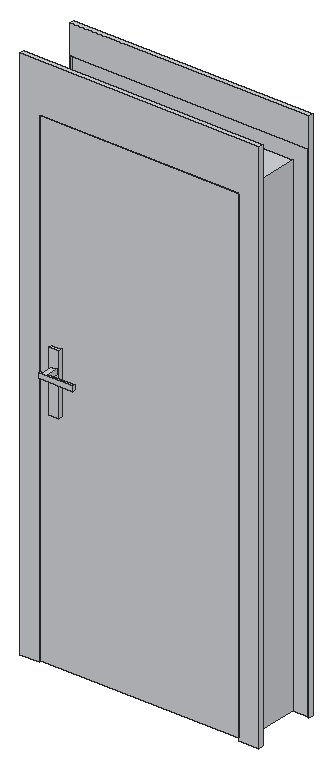
Revit family
Parameters (values of type "PN 80")
  Rough Height = 2055 mm
  URL = "www.porta.com.pl"
  Rough Width = 880 mm
  Ss = 818 mm
  Manufacturer = "PORTA KMI POLAND"
  Keynote = ""
  Description = "Biblioteki CAD produktów firmy PORTA KMI POLAND S.A. wraz z ich wizualizacjami są chronione prawami własności przemysłowej i intelektualnej. Można je wykorzystywać do handlowych celów osobistych poprzez zastosowanie w projektach, jednak nie wolno ich powielać, modyfikować, licencjonować ani publikować, w całości ani w części, chyba że celem przeglądania, bez uprzedniej pisemnej zgody PORTA KMI Poland sp.z.o.o. www.porta.com.pl "
  Height = 2016 mm
  Wall Closure = (empty or 0)
  Width = 802 mm
  Model = "Porta LEVEL"
  Materiał_skrzydło [instance] = none
  Materiał_ościeżnica [instance] = none
  Materiał_klamka [instance] = none
  Informacja = ""
  Hs = 2017 mm
  Function = (empty or 0)
Reference planes
  plane 1: y = 0
  plane 2 "Środek (Lewa/Prawa)": x = 0
  plane 3 "Lewy": x = -440
  plane 4 "Prawy": x = 440
  plane 5: z = 2055
  plane 6 "Zewnętrzna": y = 120
  plane 7 "Wewnętrzna": y = -120
  plane 8: x = -401
  plane 9: y = -138.9
  plane 10: x = -494.4
  plane 11: x = 494.4
Forms (mm)
  Sweep 1, solid, material <- "Materiał_ościeżnica"
    path in 3D
      loop
        line (-440, -120, 0) -> (-440, -120, 2055) -> (440, -120, 2055) -> (440, -120, 0)
    profile origin (-440, -120, 1027.5) x (0, -1, 0) y (1, 0, 0)
      loop
        line (-240, -54.4) -> (-240, -49.7) -> (-243.2, -49.7) -> (-243.2, 16.3) -> (3.2, 16.3) -> (3.2, -49.7) -> (0, -49.7) -> (0, -54.4) -> (18.9, -54.4) -> (18.9, 27) -> (-26.7, 27) -> (-26.7, 39) -> (-243.2, 39) -> (-243.2, 27) -> (-258.9, 27) -> (-258.9, -54.4) -> (-240, -54.4)
  Extrusion 2, solid, material <- "Materiał_ościeżnica"
    sketch origin (-359, -94.5, 2024.974) x (0, 0, -1) y (0, -1, 0)
      loop
        line (-203.026, -233.4) -> (-84.426, -233.4) -> (-84.426, -214.5) -> (-203.026, -214.5) -> (-203.026, -233.4)
    from -853.4 to 135.4
  Extrusion 3, solid, material <- "Materiał_ościeżnica"
    sketch origin (-359, -94.5, 2024.974) x (0, 0, -1) y (0, -1, 0)
      loop
        line (-203.026, 44.4) -> (-203.026, 25.5) -> (-84.426, 25.5) -> (-84.426, 44.4) -> (-203.026, 44.4)
    from -853.4 to 135.4
Cuts and joins
  joined: Sweep 1, Extrusion 2, Extrusion 3
Lines and regions (mm)
  Opening 1
    outline origin (-3050, -120, 0) x (1, 0, 0) y (0, 0, 1)
      loop
        line (2610, 0) -> (3490, 0) -> (3490, 2055) -> (2610, 2055) -> (2610, 0)
  sketch lines
    curve 1: line (-440, -120, 0) -> (-440, -120, 2055)
    curve 2: line (-440, -120, 2055) -> (440, -120, 2055)
    curve 3: line (440, -120, 2055) -> (440, -120, 0)
  symbolic lines, style "DoorsPanelProjection"
    curve 4: line (409, -120, 0) -> (409, -938, 0)
    curve 5: line (409, -938, 0) -> (369, -938, 0)
    curve 6: line (369, -938, 0) -> (369, -120, 0)
    curve 7: line (369, -120, 0) -> (409, -120, 0)
  symbolic lines, style "Ugięcie rzutu"
    curve 8: arc (-409, -120, 0) -> (-169.413, -698.413, 0) -> (409, -938, 0) r 818
Text (mm)
  text "Zewnętrzna" at (-2295.016, 1099.543, 0), in view "Poziom odniesienia"
  text "Zewnętrzna" at (0, 1615.38, 3698.081), in view "Lewy"
  text "Zewnętrzna" at (0, 1036.032, 3874.932), in view "Prawy"
Dimensions and locks
  equal spacing: plane 3 "Lewy", plane 2 "Środek (Lewa/Prawa)", plane 4 "Prawy"
  "Rough Width": plane 3 "Lewy" to plane 4 "Prawy"
  "Rough Height": plane 5 to host wall
  host wall to plane 5 = 2055 mm  (x2)
  locked: plane 6 "Zewnętrzna" to host wall at 0
  locked: plane 7 "Wewnętrzna" to host wall
  locked: curve 6 to curve 4 at 40
  "Ss": curve 5 to curve 7
  equal spacing: curve 8, plane 2 "Środek (Lewa/Prawa)", curve 4
  equal spacing: nested 1, plane 2 "Środek (Lewa/Prawa)", nested 1
  locked: nested 1 to level at 8
  locked: plane 3 "Lewy" to plane 8 at 39
  locked: plane 6 "Zewnętrzna" to Sweep 1 sketch curve at 18.9
  locked: profile plane to Sweep 1 sketch curve at 27
  locked: Sweep 1 sketch curve to plane 8 at 22.7
  locked: Sweep 1 sketch curve to profile plane at 26.7
  locked: profile plane to Sweep 1 sketch curve at 18.9
  locked: Sweep 1 sketch curve to profile plane at 54.4  (x2)
  locked: plane 9 to host wall at 18.9
  locked: plane 10 to plane 3 "Lewy" at 54.4
  locked: plane 4 "Prawy" to plane 11 at 54.4
  aligned and locked: plane 3 "Lewy" to Opening 1 sketch curve
  aligned and locked: plane 5 to Opening 1 sketch curve  (x2)
  aligned and locked: Opening 1 sketch curve to plane 4 "Prawy"
  aligned and locked: Opening 1 sketch curve to level
  aligned and locked: plane 1 to host wall
  aligned and locked: plane 7 "Wewnętrzna" to curve 7
  aligned and locked: Sweep 1 sketch curve to plane 6 "Zewnętrzna"
  aligned and locked: Sweep 1 sketch curve to profile plane
  aligned and locked: Sweep 1 sketch curve to plane 8
  aligned and locked: nested 1 to plane 9
  aligned and locked: Extrusion 2 sketch curve to Sweep 1  (x2)
  aligned and locked: host wall to Extrusion 2 sketch curve
  aligned and locked: Extrusion 3 sketch curve to plane 9
  aligned and locked: host wall to Extrusion 3 sketch curve
  aligned and locked: Extrusion 3 sketch curve to Sweep 1
  aligned and locked: Extrusion 3 sketch curve to Extrusion 2
  aligned and locked: plane 11 to Extrusion 3
  aligned and locked: plane 10 to Extrusion 3
  aligned and locked: plane 11 to Extrusion 2
  aligned and locked: plane 10 to Extrusion 2
Automatic sketch dimensions
  curve 8 to host wall = 0 mm
  Sweep 1 sketch curve to Sweep 1 sketch curve = 0 mm
  Sweep 1 sketch curve to Sweep 1 sketch curve = 3.2 mm
  Sweep 1 sketch curve to Sweep 1 sketch curve = 15.7 mm
  Sweep 1 sketch curve to Sweep 1 sketch curve = 4.7 mm  (x2)
  Sweep 1 sketch curve to Sweep 1 sketch curve = 10.7 mm
  Extrusion 2 sketch curve to plane 5 = 173 mm
Nested families
  nested 1: "skrzydło" at (0, -105.4, 0), Materiał_klamka <- "Materiał_klamka", type "skrzydło"
    with Materiał_klamka none
Definition of nested family "skrzydło"
  Parameters (values of type "skrzydło")
    Ss = 818 mm
    Materiał_skrzydło [instance] = none
    Materiał_klamka [instance] = none
    Assembly Code = ""
    Hs = 2017 mm
  Reference planes
    plane 1 "Tył": y = 6.5
    plane 2: z = 0
    plane 3 "Środek (Lewa/Prawa)": x = 0
    plane 4 "Lewa": x = -409
    plane 5 "Prawa": x = 409
    plane 6 "Przód": y = -33.5
    plane 7: z = 2025
    plane 8 "Centrum": y = -13.5
    plane 9: z = 8
  Forms (mm)
    Extrusion 1, solid, material <- "Materiał_skrzydło"
      sketch origin (0, -33.5, 0) x (-1, 0, 0) y (0, 0, 1)
        loop
          line (409, 2025) -> (-409, 2025) -> (-409, 8) -> (409, 8) -> (409, 2025)
      from 0 to 40
  Dimensions and locks
    equal spacing: plane 4 "Lewa", plane 3 "Środek (Lewa/Prawa)", plane 5 "Prawa"
    "Ss": plane 4 "Lewa" to plane 5 "Prawa"
    locked: plane 9 to level at 8
    "Hs": plane 7 to plane 9
    locked: nested 1 to plane 9 at 934
    locked: plane 9 to nested 3 at 934
    equal spacing: plane 6 "Przód", plane 8 "Centrum", plane 1 "Tył"
    aligned and locked: Extrusion 1 sketch curve to plane 9
    aligned and locked: Extrusion 1 sketch curve to plane 7
    aligned and locked: nested 1 to plane 6 "Przód"
    aligned and locked: Extrusion 1 sketch curve to plane 5 "Prawa"
    aligned and locked: Extrusion 1 sketch curve to plane 4 "Lewa"
    aligned and locked: plane 3 "Środek (Lewa/Prawa)" to nested 2
  Nested families
    nested 1: "KLAMKA" at (-341, -33.5, 1067), Materiał klamki <- "Materiał_klamka", type "KLAMKA"
      with Materiał klamki none
    nested 2: "logo_porta" at (0, 6.5, 110) x (1, 0, 0) z (0, -1, 0), type "logo_porta"
    nested 3: "KLAMKA" at (-341, 6.5, 1067), Materiał klamki <- "Materiał_klamka", type "KLAMKA"
      with Materiał klamki none
  Definition of nested family "KLAMKA"
    Parameters (values of type "KLAMKA")
      Materiał klamki [instance] = none
      Assembly Code = ""
      Default Elevation = 1219.2 mm
    Reference planes
      plane 1 "Center (Front/Back)": y = 0
      plane 2: z = 0
      plane 3 "Center (Left/Right)": x = 0
      plane 4: z = 125
      plane 5: z = -125
      plane 6: x = 20
      plane 7: x = -20
      plane 8: y = -70
      plane 9: y = -60
      plane 10: x = 10
      plane 11: x = -10
      plane 12: x = 120
      plane 13: z = 35
      plane 14: z = 55
      plane 15: y = -15
    Forms (mm)
      Extrusion 1, solid, material <- "Materiał klamki"
        sketch origin (0, 0, 0) x (1, 0, 0) y (0, 0, 1)
          loop
            line (-20, 125) -> (-20, -125) -> (20, -125) -> (20, 125) -> (-20, 125)
        from 0 to 15
      Extrusion 2, solid, material <- "Materiał klamki"
        sketch origin (0, 0, 0) x (1, 0, 0) y (0, 1, 0)
          loop
            line (-10, -15) -> (-10, -60) -> (-20, -60) -> (-20, -70) -> (120, -70) -> (120, -60) -> (10, -60) -> (10, -15) -> (-10, -15)
        from 35 to 55
    Dimensions and locks
      equal spacing: plane 4, plane 2, plane 5
      plane 4 to plane 5 = 250 mm
      equal spacing: plane 7, plane 3 "Center (Left/Right)", plane 6
      plane 7 to plane 6 = 40 mm
      plane 8 to plane 1 "Center (Front/Back)" = 70 mm
      plane 11 to plane 3 "Center (Left/Right)" to plane 10 = 10 mm locked, 10 mm locked
      plane 7 to plane 12 = 140 mm
      plane 15 to plane 1 "Center (Front/Back)" = 15 mm
      aligned and locked: plane 7 to Extrusion 1 sketch curve
      aligned and locked: Extrusion 1 sketch curve to plane 4
      aligned and locked: plane 5 to Extrusion 1 sketch curve
      aligned and locked: Extrusion 1 sketch curve to plane 6
      aligned and locked: plane 15 to Extrusion 1
      aligned and locked: Extrusion 1 to plane 1 "Center (Front/Back)"
      aligned and locked: plane 14 to Extrusion 2
      aligned and locked: Extrusion 2 to plane 13
    Automatic sketch dimensions
      Extrusion 2 sketch curve to plane 7 = 0 mm
      Extrusion 2 sketch curve to plane 9 = 0 mm  (x2)
      Extrusion 2 sketch curve to plane 11 = 0 mm
      Extrusion 2 sketch curve to plane 10 = 0 mm
      Extrusion 2 sketch curve to plane 12 = 0 mm
      Extrusion 2 sketch curve to plane 8 = 0 mm
      Extrusion 2 sketch curve to plane 15 = 0 mm
  Definition of nested family "logo_porta"
    Reference planes
      plane 1 "Środek (Przód/Tył)": y = 0
      plane 2: z = 0
      plane 3 "Środek (Lewa/Prawa)": x = 0
